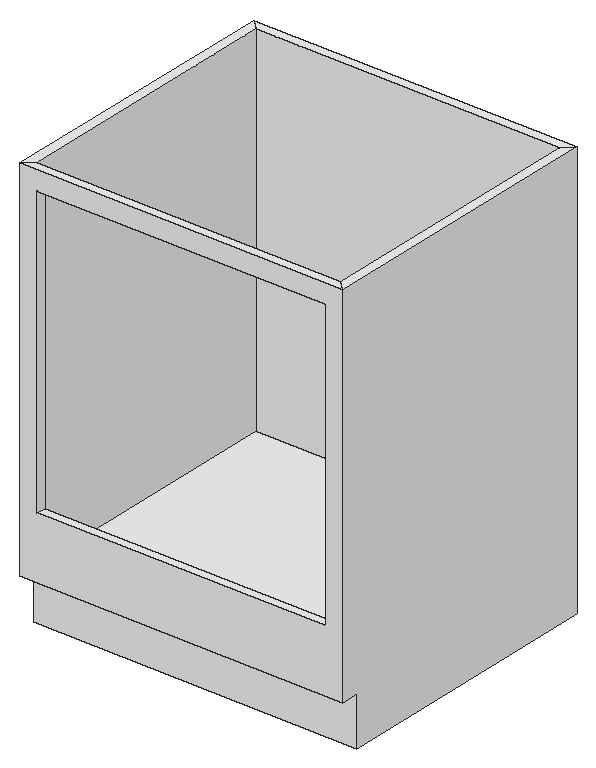
Revit family "M_Armário base-Embutido", category Componentes de gabinete, Revit 2019
Family settings
  Número OmniClass = 23.40.35.17.47.11
  Título OmniClass = Kitchen Casework
  ID de item do Seek = Base Cabinet-Built In-0000-CAN-ENU
  Com base no plano de trabalho = Não
  Sempre na vertical = Sim
  Corte com vazios quando carregada = Não
  Compartilhado = Não
  Ponto de cálculo do ambiente = Não
Parameters (values of type "664mm")
  Material do armário = none
  Linear = 600 mm
  Altura = 860 mm
  Altura da abertura = 594 mm
  Profundidade da plataforma = 35 mm
  Altura do plinto = 100 mm
  Largura dos degraus = 35 mm
  Comentários de tipos = "594 mm x 594 mm embutido"
  Largura = 664 mm
Reference planes
  plane 1 "Parte posterior": y = 0
  plane 2: z = 0
  plane 3 "Centro": x = 18.738
  plane 4 "Esquerda": x = -313.262
  plane 5 "Direita": x = 350.738
  plane 6 "Parte frontal": y = -600
  plane 7 "Superior": z = 860
  plane 8: y = -565
  plane 9: z = 100
  plane 10: z = 821.9
  plane 11: z = 119.05
  plane 12: x = -278.262
  plane 13: x = 315.738
  plane 14: z = 227.9
Forms (mm)
  Extrusion 1, solid, material <- "Material do armário"
    sketch origin (0, 0, 0) x (1, 0, 0) y (0, 1, 0)
      loop
        line (-313.262, 0) -> (-313.262, -565) -> (350.738, -565) -> (350.738, 0) -> (-313.262, 0)
    from 0 to 100
  Sweep 2, solid, material <- "Material do armário"
    path origin (0, 0, 0) x (1, 0, 0) y (0, 1, 0)
      loop
        line (350.738, 0) -> (-313.262, 0) -> (-313.262, -600) -> (350.738, -600) -> (350.738, 0)
    profile origin (0, -300, 0) x (1, 0, 0) y (0, 0, 1)
      loop
        line (350.738, 100) -> (350.738, 860) -> (331.688, 860) -> (331.688, 100) -> (350.738, 100)
  Extrusion 3, solid, material <- "Material do armário"
    sketch origin (0, 0, 0) x (1, 0, 0) y (0, 1, 0)
      loop
        line (-294.212, -19.05) -> (-294.212, -580.95) -> (331.688, -580.95) -> (331.688, -19.05) -> (-294.212, -19.05)
    from 119.05 to 100
  Extrusion 4, void
    sketch origin (0, -600, 0) x (1, 0, 0) y (0, 0, 1)
      loop
        line (-278.262, 227.9) -> (315.738, 227.9) -> (315.738, 821.9) -> (-278.262, 821.9) -> (-278.262, 227.9)
    from -19.05 to 0
Cuts and joins
  Extrusion 4 cuts Extrusion 1
  Extrusion 4 cuts Sweep 2
  joined: Extrusion 1, Sweep 2
  Extrusion 4 cuts Extrusion 3
Lines and regions (mm)
  Masking region 1
    outline origin (0, 0, 0) x (1, 0, 0) y (0, 1, 0)
      loop
        line (-313.262, 0) -> (-313.262, -600) -> (350.738, -600) -> (350.738, 0) -> (-313.262, 0)
  symbolic lines, style "Abertura embutida"
    curve 1: line (-278.262, -600, 0) -> (-278.262, -19.05, 0)
    curve 2: line (-278.262, -19.05, 0) -> (315.738, -19.05, 0)
    curve 3: line (315.738, -19.05, 0) -> (315.738, -600, 0)
Dimensions and locks
  "Linear": plane 6 "Parte frontal" to plane 1 "Parte posterior"
  "Largura": plane 4 "Esquerda" to plane 5 "Direita"
  equal spacing: plane 4 "Esquerda", plane 3 "Centro", plane 5 "Direita"
  "Altura": level to plane 7 "Superior"
  "Altura do plinto": plane 2 to plane 9
  "Profundidade da plataforma": plane 6 "Parte frontal" to plane 8
  "Largura dos degraus": plane 4 "Esquerda" to plane 12
  "Largura dos degraus": plane 13 to plane 5 "Direita"
  locked: plane 7 "Superior" to plane 10 at 38.1
  locked: plane 11 to plane 9 at 19.05
  "Altura da abertura": plane 10 to plane 14
  aligned and locked: plane 1 "Parte posterior" to Extrusion 1 sketch curve
  aligned and locked: Extrusion 1 sketch curve to plane 5 "Direita"
  aligned and locked: Extrusion 1 sketch curve to plane 8
  aligned and locked: plane 4 "Esquerda" to Extrusion 1 sketch curve
  aligned and locked: Extrusion 1 to level
  aligned and locked: Sweep 2 sketch curve to plane 6 "Parte frontal"
  aligned and locked: plane 1 "Parte posterior" to Sweep 2 sketch curve
  aligned and locked: Sweep 2 sketch curve to plane 5 "Direita"  (x2)
  aligned and locked: plane 4 "Esquerda" to Sweep 2 sketch curve
  aligned and locked: plane 7 "Superior" to Sweep 2 sketch curve
  aligned and locked: plane 9 to Sweep 2 sketch curve
  aligned and locked: Sweep 2 to Extrusion 3 sketch curve  (x2)
  aligned and locked: Extrusion 3 sketch curve to Sweep 2  (x2)
  aligned and locked: Extrusion 3 to plane 11
  aligned and locked: Extrusion 3 to plane 9
  aligned and locked: plane 9 to Extrusion 1
  aligned and locked: cut or joined group of Extrusion 1, Sweep 2, Extrusion 4 to Extrusion 4
  aligned and locked: plane 6 "Parte frontal" to Extrusion 4
  aligned and locked: Extrusion 4 sketch curve to plane 10
  aligned and locked: plane 14 to Extrusion 4 sketch curve
  aligned and locked: plane 12 to Extrusion 4 sketch curve
  aligned and locked: Extrusion 4 sketch curve to plane 13
  aligned and locked: Masking region 1 sketch curve to plane 6 "Parte frontal"
  aligned and locked: plane 4 "Esquerda" to Masking region 1 sketch curve
  aligned and locked: plane 1 "Parte posterior" to Masking region 1 sketch curve
  aligned and locked: Masking region 1 sketch curve to plane 5 "Direita"
Automatic sketch dimensions
  profile plane to Sweep 2 sketch curve = 19.05 mm
  curve 1 to plane 6 "Parte frontal" = 0 mm
  curve 1 to plane 12 = 0 mm
  curve 2 to plane 13 = 0 mm
  plane 1 "Parte posterior" to curve 2 = 19.05 mm
  curve 3 to plane 6 "Parte frontal" = 0 mm
